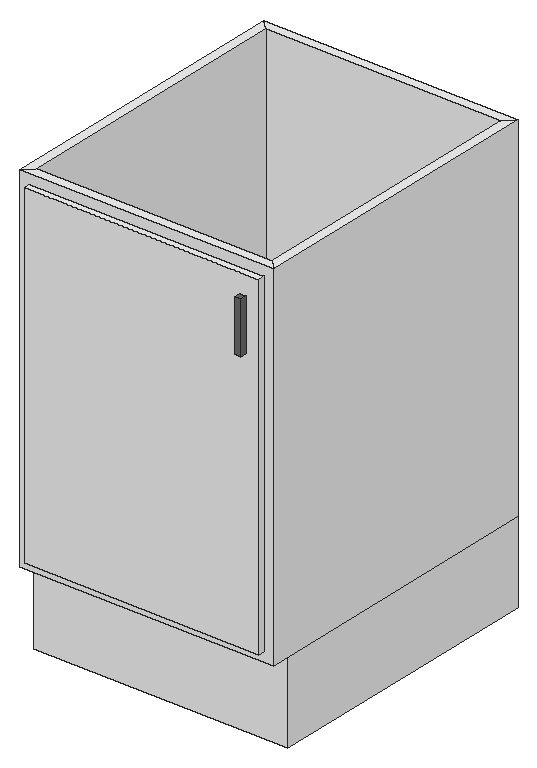
Revit family "Base Cabinet-Single Door (M)", category 케이스워크, Revit 2026
Family settings
  작업 기준면 기반 = 아니오
  항상 수직 = 예
  로드될 때 보이드를 사용하여 절단 = 아니오
  공유 = 아니오
  룸 계산 점 = 아니오
Parameters (values of type "500mm")
  기본 높이 = 0 mm
  Cabinet Material = none
  깊이 = 600 mm
  Drawer Material = none
  Handle Material = Cabinets - Handles
  높이 = 860 mm
  Plinth Depth = 35 mm
  Plinth Height = 160 mm
  폭 = 500 mm
Types (3, lengths in mm): name | 폭
  (no name) | 500
  300mm | 300
  500mm | 500
Reference planes
  plane 1 "Back": y = 0
  plane 2: z = 0
  plane 3 "Center": x = 18.738
  plane 4 "Left": x = -231.262
  plane 5 "Right": x = 268.738
  plane 6 "Front": y = -600
  plane 7 "Top": z = 860
  plane 8: y = -565
  plane 9: z = 160
  plane 10: z = 840.95
  plane 11: z = 179.05
  plane 12: x = -212.212
  plane 13: x = 249.688
  plane 14: z = 802.85
  plane 15: z = 701.25
  plane 16: x = 224.288
  plane 17: x = 211.588
  plane 18: z = 510
Forms (mm)
  Extrusion 1, solid, material <- "Cabinet Material"
    sketch origin (0, 0, 0) x (1, 0, 0) y (0, 1, 0)
      loop
        line (-231.262, 0) -> (-231.262, -565) -> (268.738, -565) -> (268.738, 0) -> (-231.262, 0)
    from 0 to 160
  Sweep 2, solid, material <- "Cabinet Material"
    path origin (0, 0, 0) x (1, 0, 0) y (0, 1, 0)
      loop
        line (268.738, 0) -> (-231.262, 0) -> (-231.262, -600) -> (268.738, -600) -> (268.738, 0)
    profile origin (0, -300, 0) x (1, 0, 0) y (0, 0, 1)
      loop
        line (268.738, 160) -> (268.738, 860) -> (249.688, 860) -> (249.688, 160) -> (268.738, 160)
  Extrusion 3, solid, material "Cabinets"
    sketch origin (0, 0, 0) x (1, 0, 0) y (0, 1, 0)
      loop
        line (-212.212, -19.05) -> (-212.212, -580.95) -> (249.688, -580.95) -> (249.688, -19.05) -> (-212.212, -19.05)
    from 179.05 to 160
  Extrusion 4, solid, material <- "Drawer Material"
    sketch origin (0, -600, 0) x (1, 0, 0) y (0, 0, 1)
      loop
        line (-212.212, 840.95) -> (-212.212, 179.05) -> (249.688, 179.05) -> (249.688, 840.95) -> (-212.212, 840.95)
    from 0 to 12.7
  Extrusion 5, solid, material "Cabinets - Handles" <- "Handle Material"
    sketch origin (0, -600, 0) x (1, 0, 0) y (0, 0, 1)
      loop
        line (211.588, 802.85) -> (211.588, 701.25) -> (224.288, 701.25) -> (224.288, 802.85) -> (211.588, 802.85)
    from 12.7 to 25.4
Lines and regions (mm)
  symbolic lines, style "Plan Rep - Below"
    curve 1: line (268.738, -600, 0) -> (-231.262, -600, 0)
    curve 2: line (268.738, 0, 0) -> (268.738, -600, 0)
    curve 3: line (-231.262, 0, 0) -> (268.738, 0, 0)
    curve 4: line (-231.262, -600, 0) -> (-231.262, 0, 0)
  model lines
    curve 5: line (-212.212, -600, 840.95) -> (249.688, -600, 840.95)
    curve 6: line (249.688, -600, 179.05) -> (-212.212, -600, 179.05)
    curve 7: line (249.688, -600, 840.95) -> (249.688, -600, 179.05)
    curve 8: line (-212.212, -600, 179.05) -> (-212.212, -600, 840.95)
    curve 9: line (211.588, -600, 802.85) -> (224.288, -600, 802.85)
    curve 10: line (211.588, -600, 701.25) -> (211.588, -600, 802.85)
    curve 11: line (224.288, -600, 701.25) -> (211.588, -600, 701.25)
    curve 12: line (224.288, -600, 802.85) -> (224.288, -600, 701.25)
  symbolic lines, style "Elevation Swing"
    curve 13: line (249.688, 0, 840.95) -> (-212.212, 0, 510)
    curve 14: line (-212.212, 0, 510) -> (249.688, 0, 179.05)
Dimensions and locks
  "깊이": plane 6 "Front" to plane 1 "Back"
  "폭": plane 4 "Left" to plane 5 "Right"
  equal spacing: plane 4 "Left", plane 3 "Center", plane 5 "Right"
  "높이": level to plane 7 "Top"
  "Plinth Height": plane 2 to plane 9
  "Plinth Depth": plane 6 "Front" to plane 8
  locked: plane 4 "Left" to plane 12 at 19.05
  locked: plane 13 to plane 5 "Right" at 19.05
  locked: plane 7 "Top" to plane 10 at 19.05
  locked: plane 11 to plane 9 at 19.05
  locked: plane 14 to plane 15 at 101.6
  plane 17 to plane 16 to plane 13 = 12.7 mm locked, 25.4 mm locked
  plane 10 to plane 14 = 38.1 mm
  equal spacing: plane 10, plane 18, plane 11
  aligned and locked: plane 1 "Back" to Extrusion 1 sketch curve
  aligned and locked: Extrusion 1 sketch curve to plane 5 "Right"
  aligned and locked: Extrusion 1 sketch curve to plane 8
  aligned and locked: plane 4 "Left" to Extrusion 1 sketch curve
  aligned and locked: Extrusion 1 to level
  aligned and locked: Sweep 2 sketch curve to plane 6 "Front"
  aligned and locked: plane 1 "Back" to Sweep 2 sketch curve
  aligned and locked: Sweep 2 sketch curve to plane 5 "Right"  (x2)
  aligned and locked: plane 4 "Left" to Sweep 2 sketch curve
  aligned and locked: plane 7 "Top" to Sweep 2 sketch curve
  aligned and locked: Sweep 2 sketch curve to plane 9
  aligned and locked: Sweep 2 to Extrusion 3 sketch curve  (x2)
  aligned and locked: Extrusion 3 sketch curve to Sweep 2  (x2)
  aligned and locked: plane 11 to Extrusion 3
  aligned and locked: plane 9 to Extrusion 3
  aligned and locked: Extrusion 1 to plane 9
Automatic sketch dimensions
  profile plane to Sweep 2 sketch curve = 19.05 mm
  curve 1 to plane 4 "Left" = 0 mm
  curve 3 to plane 1 "Back" = 0 mm
  curve 3 to plane 5 "Right" = 0 mm
  curve 1 to plane 6 "Front" = 0 mm
  Extrusion 4 sketch curve to plane 11 = 0 mm
  Extrusion 4 sketch curve to plane 12 = 0 mm
  Extrusion 4 sketch curve to plane 13 = 0 mm
  Extrusion 4 sketch curve to plane 10 = 0 mm
  Extrusion 5 sketch curve to plane 15 = 0 mm
  Extrusion 5 sketch curve to plane 17 = 0 mm
  Extrusion 5 sketch curve to plane 16 = 0 mm
  Extrusion 5 sketch curve to plane 14 = 0 mm
  curve 13 to plane 10 = 0 mm
  curve 13 to plane 13 = 0 mm
  curve 5 to plane 10 = 0 mm
  curve 5 to plane 13 = 0 mm
  curve 14 to plane 11 = 0 mm
  curve 14 to plane 13 = 0 mm
  curve 12 to plane 15 = 0 mm
  curve 12 to plane 16 = 0 mm
  curve 10 to plane 14 = 0 mm
  curve 10 to plane 17 = 0 mm
  curve 8 to plane 12 = 0 mm
  curve 14 to plane 12 = 0 mm
  curve 13 to plane 18 = 0 mm
  curve 6 to plane 11 = 0 mm
